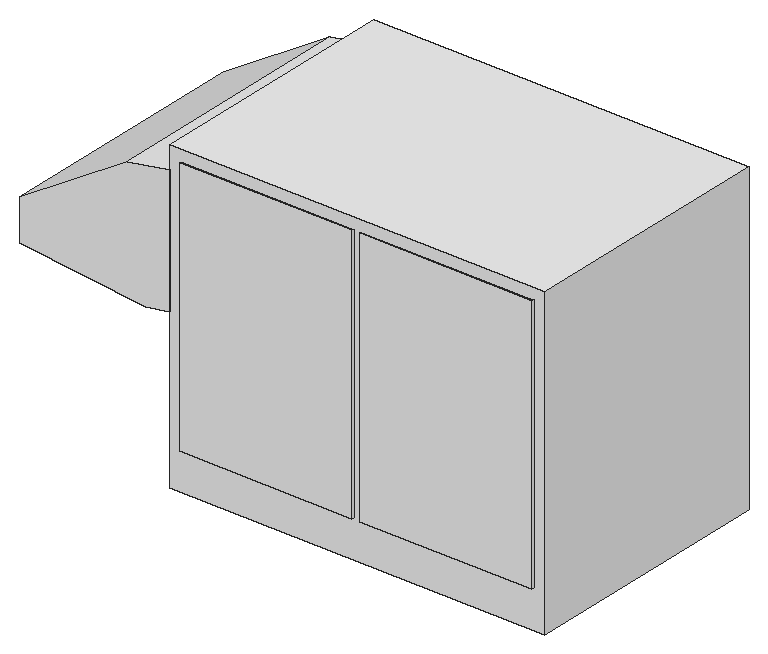
Revit family "Roof_Top_AHU-Systemair-ERV_Series", category Mechanical Equipment, Revit 2013
Parameters (values of type "ERV 1300RT-EC")
  Width = 5' - 10"
  Voltage = 0 V
  URL = "www.systemair.com"
  Total Pressure (Supply) = 0.00 in-wg
  Total Pressure (Return) = 0.00 in-wg
  Product Page URL = "http://www.systemair.com/ERV-1300RT-EC_enna-40512.aspx"
  Product Documentation Link = "http://www.systemair.com/Documentation/Air%20handling%20units/413624%20-%20ERV%20RT-EC%20Specification.pdf"
  Part Number [instance] = "ERV"  # constant formula
  Part Description [instance] = "Compact AHU"  # constant formula
  Model Disclaimer = "Contact Systemair for more information"  # constant formula
  Model = "See Part Number"  # constant formula
  Manufacturer = "Systemair"  # constant formula
  Length = 3' - 11"
  Height = 3' - 5"
  Back Unit Width = 1' - 2.13386"
  Bottom Opening Length 2 = 2' - 0 3/4"
  Bottom Opening Length 1 = 1' - 11 1/2"
  Bottom Opening Width 1 = 0' - 7 1/4"
  Flow (Supply) = 0 CFM
  Flow (Exhaust) = 0 CFM
  Family Version = "1.0.0"  # constant formula
  Bottom Opening Width 2 = 0' - 7"
  Equipment Number = ""
  Equipment Abbreviation = "AH"
  Description = "See Part Description"  # constant formula
  Main Unit Length = 2' - 10"
  Copyright = "© Systemair"  # constant formula
  Main Unit Width = 4' - 2"
  Apparent Load = 0 VA
Reference planes (in)
  plane 1 "Center (Front/Back)": y = 0
  plane 2: z = 0
  plane 3 "Center (Left/Right)": x = 0
  plane 4: x = 25
  plane 5: x = -25
  plane 6: y = 17
  plane 7: y = -17
  plane 8: x = -45
  plane 9: y = 30
  plane 10: x = 21
  plane 11: y = -12.375
  plane 12: y = 12.375
  plane 13: y = -11.125
  plane 14: z = 41
  plane 15: z = 12
  plane 16: x = 5.25
  plane 17: x = 12.25
  plane 18: x = 13.75
  plane 19: z = 38
  plane 20: through (-25, -180, 38) normal (0.1736, 0, -0.9848)
  plane 21: through (-30.81037, -180, 36.97548) normal (0.5446, 0, -0.8387)
  plane 22: through (-45, -180, 22.26062) normal (0.1045, 0, 0.9945)
  plane 23: through (-25, -180, 21.09006) normal (0.1736, 0, -0.9848)
  plane 24: z = 21
  plane 25: through (0, 17, 21) normal (0, 0.1736, 0.9848)
  plane 26: through (0, 30.83431, 21) normal (0, 0.9397, -0.342)
  plane 27: through (0, 17, 5.25197) normal (0, 0.1736, 0.9848)
  plane 28: x = -10.86614
Forms (in)
  Extrusion 1, solid, material "Aluminum - Systemair - Gray"
    sketch origin (0, 0, 0) x (1, 0, 0) y (0, 1, 0)
      loop
        line (-25, 17) -> (-25, -17) -> (25, -17) -> (25, 17) -> (-25, 17)
    from 0 to 41
  Extrusion 2, solid, material "Aluminum - Systemair - Gray"
    sketch origin (25, -17, 0) x (-1, 0, 0) y (0, 0, -1)
      loop
        line (48.5, -39.5) -> (48.5, -5) -> (25.5, -5) -> (25.5, -39.5) -> (48.5, -39.5)
      loop
        line (1.5, -5) -> (1.5, -39.5) -> (24.5, -39.5) -> (24.5, -5) -> (1.5, -5)
    from 0 to 0.25
  Extrusion 3, void
    sketch origin (0, 0, 0) x (1, 0, 0) y (0, 1, 0)
      loop
        line (5.25, 12.375) -> (5.25, -12.375) -> (12.25, -12.375) -> (12.25, 12.375) -> (5.25, 12.375)
      loop
        line (13.75, 12.375) -> (13.75, -11.125) -> (21, -11.125) -> (21, 12.375) -> (13.75, 12.375)
    from 0 to 0.25
  Extrusion 4, solid, material "Aluminum - Systemair - Gray"
    sketch origin (25, -17, 0) x (-1, 0, 0) y (0, 0, -1)
      loop
        line (50, -38) -> (55.81037, -36.97548) -> (70, -27.76062) -> (70, -22.26062) -> (53.30997, -20.50643) -> (50, -21.09006) -> (50, -38)
    from -34 to 0
  Extrusion 5, solid, material "Aluminum - Systemair - Gray"
    sketch origin (25, 17, 0) x (0, -1, 0) y (0, 0, -1)
      loop
        line (0, -5.25197) -> (-7.61386, -3.90944) -> (-13, -18.70775) -> (0, -21) -> (0, -5.25197)
    from -50 to -35.86614
Cuts and joins
  Extrusion 3 cuts Extrusion 1
Lines and regions (in)
  Masking region 1
    outline origin (0, 0, 0) x (1, 0, 0) y (0, 1, 0)
      loop
        line (-45, 30) -> (-45, -17) -> (25, -17) -> (25, 30) -> (-45, 30)
Dimensions and locks (in)
  "Width": plane 8 to plane 4
  "Length": plane 9 to plane 7
  "Main Unit Length": plane 6 to plane 7
  equal spacing: plane 6, plane 1 "Center (Front/Back)", plane 7
  "Main Unit Width": plane 5 to plane 4
  equal spacing: plane 5, plane 3 "Center (Left/Right)", plane 4
  "Height": level to plane 14
  Extrusion 2 sketch curve to plane 5 = 0' - 1 1/2"
  Extrusion 2 sketch curve to Extrusion 2 sketch curve = 0' - 1"
  equal spacing: Extrusion 2 sketch curve, plane 3 "Center (Left/Right)", Extrusion 2 sketch curve
  "Bottom Opening Length 2": plane 12 to plane 11
  "Bottom Opening Length 1": plane 12 to plane 13
  equal spacing: plane 12, plane 1 "Center (Front/Back)", plane 11
  "Bottom Opening Width 2": plane 16 to plane 17
  "Bottom Opening Width 1": plane 18 to plane 10
  plane 10 to plane 4 = 0' - 4"
  plane 17 to plane 18 = 0' - 1 1/2"
  "Back Unit Width": plane 5 to plane 28
  aligned and locked: level to plane 2
  aligned and locked: Extrusion 1 sketch curve to plane 6
  aligned and locked: plane 5 to Extrusion 1 sketch curve
  aligned and locked: plane 7 to Extrusion 1 sketch curve
  aligned and locked: Extrusion 1 sketch curve to plane 4
  aligned and locked: Extrusion 3 sketch curve to plane 12  (x2)
  aligned and locked: plane 11 to Extrusion 3 sketch curve
  aligned and locked: Extrusion 3 sketch curve to plane 18
  aligned and locked: plane 13 to Extrusion 3 sketch curve
  aligned and locked: plane 17 to Extrusion 3 sketch curve
  aligned and locked: Extrusion 3 sketch curve to plane 16
  aligned and locked: cut or joined group of Extrusion 1, Extrusion 3 to plane 14
  aligned and locked: Extrusion 4 sketch curve to plane 20
  aligned and locked: Extrusion 4 sketch curve to plane 22
  aligned and locked: Extrusion 4 sketch curve to plane 21
  aligned and locked: plane 8 to Extrusion 4 sketch curve
  aligned and locked: plane 23 to Extrusion 4 sketch curve
  aligned and locked: plane 5 to Extrusion 4 sketch curve
  aligned and locked: Extrusion 4 to cut or joined group of Extrusion 1, Extrusion 3
  aligned and locked: Extrusion 4 to Extrusion 2
  aligned and locked: plane 26 to Extrusion 5 sketch curve
  aligned and locked: Extrusion 5 sketch curve to plane 27
  aligned and locked: plane 25 to Extrusion 5 sketch curve
  aligned and locked: Extrusion 5 sketch curve to plane 6
  aligned and locked: Extrusion 5 to plane 5
  aligned and locked: plane 28 to Extrusion 5
  aligned and locked: Masking region 1 sketch curve to plane 4
  aligned and locked: plane 7 to Masking region 1 sketch curve
  aligned and locked: Masking region 1 sketch curve to plane 9
  aligned and locked: Masking region 1 sketch curve to plane 8
Automatic sketch dimensions
  Extrusion 1 to Extrusion 2 sketch curve = 0' - 1 1/2"  (x2)
  Extrusion 2 sketch curve to Extrusion 2 sketch curve = 0' - 0"
  Extrusion 2 sketch curve to Extrusion 1 = 0' - 1 1/2"
  Extrusion 1 to Extrusion 2 sketch curve = 0' - 5"
  Extrusion 3 sketch curve to plane 10 = 0' - 0"
Connectors (in)
  hvac at (8.75, 0, 0.25), driven by "Bottom Opening Length 2", driven by "Bottom Opening Width 2", driven by "Total Pressure (Return)", driven by "Flow (Exhaust)"
    settings: on cut or joined group of Extrusion 1, Extrusion 3, index 2, duct flow 0 CFM, flow factor 0, pres drop 0.00 in-wg, loss coef 0, conn angle 0.00°, conn width 24 3/4", conn height 7", conn radius 12", duct sys type 2, conn prof type 1, flow config 0, flow direction 1, loss method 4, conn ref index -1, conn util no, is conn primary yes, conn desc "Return Air"
  hvac at (17.375, 0.625, 0.25), driven by "Bottom Opening Length 1", driven by "Bottom Opening Width 1", driven by "Total Pressure (Supply)", driven by "Flow (Supply)"
    settings: on cut or joined group of Extrusion 1, Extrusion 3, index 3, duct flow 0 CFM, flow factor 0, pres drop 0.00 in-wg, loss coef 0, conn angle 0.00°, conn width 23 1/2", conn height 7 1/4", conn radius 12", duct sys type 1, conn prof type 1, flow config 0, flow direction 2, loss method 4, conn ref index -1, conn util no, is conn primary no, conn desc "Supply Air"
  electrical at (25, 0, 20.5), driven by "Voltage", driven by "Apparent Load"
    settings: on cut or joined group of Extrusion 1, Extrusion 3, index 4, voltage 0 V, apparent load 0 VA, apparent load phase1 0 VA, apparent load phase2 0 VA, apparent load phase3 0 VA, power factor 1, load classification "Other", number of poles 1, system type 30, power factor state 1, is connector primary yes, connector utility no, sub classification motor no, connector description "Electrical Connection"
